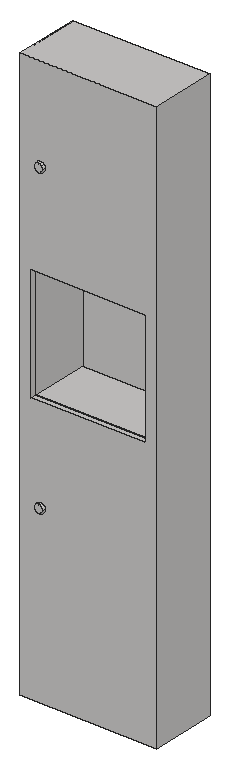
Revit family "Paper Dispenser and Waste_Metlam_Surface Mounted_22L Waste", category Specialty Equipment, Revit 2016
Family settings
  Part Type = Normal
  Round Connector Dimension = Use Diameter
  OmniClass Number = 23.40.20.21.17
  OmniClass Title = Paper Towel Dispensers, Disposal Units
  Work Plane-Based = No
  Always vertical = Yes
  Cut with Voids When Loaded = No
  Shared = No
  Room Calculation Point = Yes
Parameters (values of type "333w x 160d x 1397h (ML707SM_MK2)")
  URL = "http://www.metlam.com.au/"
  Type Comments = "2 in 1 Combo Units"  # constant formula
  Model = "ML707SM_MK2"
  Material_ANZRS = z_Metlam_Metal_Stainless Steel_Satin
  Manufacturer_URL__Product Specific = "https://metlam.com.au/product/content/paper-towel-dispenser-comb-units/ML707SM_MK2"
  Manufacturer_Spec Code = Model  # "ML707SM_MK2"
  Manufacturer_Overall Width = 333 mm  # constant formula
  Manufacturer_Overall Height = 1397 mm  # constant formula
  Manufacturer_Overall Depth = 160 mm  # constant formula
  Manufacturer_Height From FFL [instance] = 400 mm
  Manufacturer = "Metlam"  # constant formula
  Description = "Paper Towel Dispenser & Waste Receptacle - Surface Mounted"
  CreatedBy_ANZRS = "IGS BIM Solutions"  # constant formula
  CreatedByURL_ANZRS = "http://www.igsgroup.com.au/"
  Assembly Code = ""
Reference planes
  plane 1 "Back": y = 0
  plane 2 "Ref. Level": z = 0
  plane 3 "Center (Left/Right)": x = 0
  plane 4 "Left": x = -166.5
  plane 5 "Right": x = 166.5
  plane 6 "Front Panel_Back": y = -145
  plane 7 "Front": y = -160
  plane 8 "Top": z = 1797
  plane 9 "Mounting Height": z = 1315
  plane 10 "Bottom": z = 400
Forms (mm)
  Extrusion 1, solid, material "z_Metlam_Metal_Stainless Steel_Satin" <- "Material_ANZRS"
    sketch origin (0, 0, 1265) x (1, 0, 0) y (0, 0, 1)
      loop
        line (-146, -842.5) -> (146, -842.5) -> (146, 509.5) -> (-146, 509.5) -> (-146, -842.5)
      loop
        line (-144, -840.5) -> (144, -840.5) -> (144, 507.5) -> (-144, 507.5) -> (-144, -840.5)
    from 0 to 145
  Extrusion 2, solid, material "z_Metlam_Metal_Stainless Steel_Satin" <- "Material_ANZRS"
    sketch origin (0, 0, 1265) x (1, 0, 0) y (0, 0, 1)
      loop
        line (-146, -842.5) -> (146, -842.5) -> (146, 509.5) -> (-146, 509.5) -> (-146, -842.5)
    from 0 to 2
  Extrusion 3, solid, material "z_Metlam_Metal_Stainless Steel_Satin" <- "Material_ANZRS"
    sketch origin (0, 0, 1265) x (1, 0, 0) y (0, 0, 1)
      loop
        line (166.5, 532) -> (-166.5, 532) -> (-166.5, -865) -> (166.5, -865) -> (166.5, 532)
      loop
        line (-140, 70) -> (-140, -210) -> (140, -210) -> (140, 70) -> (-140, 70)
    from 145 to 160
  Extrusion 4, solid, material "z_Metlam_Metal_Stainless Steel_Satin" <- "Material_ANZRS"
    sketch origin (0, 70, 2055) x (1, 0, 0) y (0, 0, 1)
      loop
        line (-120, -720) -> (-120, -740) -> (-10, -740) -> (-10, -730) -> (10, -730) -> (10, -740) -> (120, -740) -> (120, -720) -> (-120, -720)
    from 190 to 200
  Extrusion 5, solid, material "z_Metlam_Metal_Stainless Steel_Satin" <- "Material_ANZRS"
    sketch origin (0, 0, 1265) x (1, 0, 0) y (0, 0, 1)
      loop
        line (-140, 70) -> (-140, -210) -> (140, -210) -> (140, 70) -> (-140, 70)
      loop
        line (-141.6, 71.6) -> (-141.6, -211.6) -> (141.6, -211.6) -> (141.6, 71.6) -> (-141.6, 71.6)
    from 2 to 145
  Blend 6, solid, material "z_Metlam_Metal_Stainless Steel_Satin" <- "Material_ANZRS", detail levels medium+fine
    base sketch origin (0, -160, 435) x (1, 0, 0) y (0, 0, 1)
      loop
        circle (-116.5, 1131) r 11.5
    top sketch origin (0, -160, 435) x (1, 0, 0) y (0, 0, 1)
      loop
        circle (-116.5, 1131) r 9.5
    from 0 to 5
  Blend 7, solid, material "z_Metlam_Metal_Stainless Steel_Satin" <- "Material_ANZRS", detail levels medium+fine
    base sketch origin (0, -160, 435) x (1, 0, 0) y (0, 0, 1)
      loop
        circle (-116.5, 389) r 11.5
    top sketch origin (0, -160, 435) x (1, 0, 0) y (0, 0, 1)
      loop
        circle (-116.5, 389) r 9.5
    from 0 to 5
  Extrusion 8, solid, material "z_Metlam_Metal_Stainless Steel_Satin" <- "Material_ANZRS"
    sketch origin (0, -160, 435) x (1, 0, 0) y (0, 0, 1)
      loop
        line (166.5, 1362) -> (-166.5, 1362) -> (-166.5, -35) -> (166.5, -35) -> (166.5, 1362)
      loop
        line (164.9, 1360.4) -> (-164.9, 1360.4) -> (-164.9, -33.4) -> (164.9, -33.4) -> (164.9, 1360.4)
    from -15 to -160
Cuts and joins
  joined: Extrusion 1, Extrusion 2
  joined: Extrusion 3, Extrusion 8
Lines and regions (mm)
  Masking region 1
    outline origin (0, 0, 0) x (1, 0, 0) y (0, 1, 0)
      loop
        line (166.5, 0) -> (-166.5, 0) -> (-166.5, -160) -> (166.5, -160) -> (166.5, 0)
  symbolic lines, style "Bathroom Fixtures", detail levels medium+fine
    curve 1: line (-166.5, -145, 0) -> (166.5, -145, 0)
Text (mm)
  text "> Contact Manufacturer to confirm feasibility of design variations outside the scope of this Revit Family\n\n\n\nDisclaimer:\n\nDue to ongoing product development and manufacturing evolution, product details are subject to change without notice. Please refer to product technical data sheets on the manufacturer’s website for the most current product information. Please allow a +/- 5mm manufacturing tolerance for dimensions and set-outs shown in product literature." at (321.985, 63.237, 0), in view "Ref. Level_Instruction"
Dimensions and locks
  equal spacing: plane 4 "Left", plane 3 "Center (Left/Right)", plane 5 "Right"
  "Manufacturer_Overall Width": plane 4 "Left" to plane 5 "Right"
  "Manufacturer_Overall Depth": plane 7 "Front" to plane 1 "Back"
  plane 8 "Top" to Extrusion 1 sketch curve to Extrusion 1 sketch curve = 22.5 mm locked, 2 mm locked
  Extrusion 1 sketch curve to Extrusion 1 sketch curve to plane 4 "Left" = 2 mm locked, 20.5 mm locked
  Extrusion 1 sketch curve to Extrusion 1 sketch curve to plane 5 "Right" = 2 mm locked, 20.5 mm locked
  "Manufacturer_Height From FFL": plane 10 "Bottom" to level
  "Manufacturer_Overall Height": plane 8 "Top" to plane 10 "Bottom"
  locked: Extrusion 3 sketch curve to plane 10 "Bottom" at 655
  locked: Extrusion 2 sketch curve to plane 8 "Top" at 22.5
  locked: plane 10 "Bottom" to Extrusion 2 sketch curve at 22.5
  locked: Extrusion 2 sketch curve to plane 5 "Right" at 20.5
  locked: Extrusion 2 sketch curve to plane 4 "Left" at 20.5
  plane 10 "Bottom" to Extrusion 1 sketch curve to Extrusion 1 sketch curve = 22.5 mm locked, 2 mm locked
  locked: Extrusion 5 sketch curve to Extrusion 5 sketch curve at 1.6
  locked: Extrusion 5 sketch curve to Extrusion 5 sketch curve at 280
  locked: plane 9 "Mounting Height" to Extrusion 4 sketch curve at 20
  plane 9 "Mounting Height" to Extrusion 4 sketch curve = 10 mm
  plane 9 "Mounting Height" to plane 10 "Bottom" = 915 mm
  aligned and locked: level to plane 2 "Ref. Level"
  aligned and locked: Extrusion 3 sketch curve to plane 8 "Top"
  aligned and locked: plane 7 "Front" to Extrusion 3
  aligned and locked: Extrusion 3 to plane 6 "Front Panel_Back"
  aligned and locked: Masking region 1 sketch curve to Extrusion 3
  aligned and locked: Masking region 1 sketch curve to plane 1 "Back"
  aligned and locked: plane 6 "Front Panel_Back" to Extrusion 5
  aligned and locked: Extrusion 5 to cut or joined group of Extrusion 1, Extrusion 2
  aligned and locked: plane 9 "Mounting Height" to Extrusion 4 sketch curve  (x2)
  aligned and locked: plane 4 "Left" to Extrusion 3 sketch curve
  aligned and locked: plane 5 "Right" to Extrusion 3 sketch curve
  aligned and locked: Extrusion 3 sketch curve to plane 10 "Bottom"
  aligned and locked: Blend 7 to Extrusion 3
  aligned and locked: Blend 7 to Blend 6
  aligned and locked: cut or joined group of Extrusion 3, Extrusion 8 to Extrusion 5  (x4)
  aligned and locked: plane 10 "Bottom" to Extrusion 8 sketch curve
  aligned and locked: Extrusion 8 sketch curve to plane 4 "Left"
  aligned and locked: plane 5 "Right" to Extrusion 8 sketch curve
  aligned and locked: plane 8 "Top" to Extrusion 8 sketch curve
  aligned and locked: cut or joined group of Extrusion 1, Extrusion 2 to Extrusion 8
  aligned and locked: Extrusion 8 to plane 1 "Back"
Automatic sketch dimensions
  plane 4 "Left" to Extrusion 3 sketch curve = 26.5 mm
  plane 5 "Right" to Extrusion 3 sketch curve = 26.5 mm
  plane 4 "Left" to Extrusion 4 sketch curve = 46.5 mm
  Extrusion 4 sketch curve to plane 3 "Center (Left/Right)" = 10 mm
  plane 3 "Center (Left/Right)" to Extrusion 4 sketch curve = 10 mm
  plane 5 "Right" to Extrusion 4 sketch curve = 46.5 mm
  plane 4 "Left" to Extrusion 5 sketch curve = 24.9 mm
  Extrusion 5 sketch curve to Extrusion 5 sketch curve = 1.6 mm  (x3)
  plane 5 "Right" to Extrusion 5 sketch curve = 26.5 mm
  Extrusion 3 sketch curve to plane 9 "Mounting Height" = 20 mm
  plane 9 "Mounting Height" to Extrusion 5 sketch curve = 261.6 mm
  plane 4 "Left" to Blend 6 sketch curve = 50 mm  (x2)
  Blend 6 sketch curve to plane 8 "Top" = 231 mm  (x2)
  plane 4 "Left" to Blend 7 sketch curve = 50 mm  (x2)
  plane 10 "Bottom" to Blend 7 sketch curve = 424 mm  (x2)
  curve 1 to plane 4 "Left" = 0 mm
  curve 1 to plane 5 "Right" = 0 mm
  plane 6 "Front Panel_Back" to curve 1 = 0 mm
  plane 4 "Left" to Extrusion 8 sketch curve = 1.6 mm
  plane 5 "Right" to Extrusion 8 sketch curve = 1.6 mm
  plane 10 "Bottom" to Extrusion 8 sketch curve = 1.6 mm
  Extrusion 8 sketch curve to plane 8 "Top" = 1.6 mm
  Masking region 1 sketch curve to plane 5 "Right" = 0 mm
  plane 7 "Front" to Masking region 1 sketch curve = 0 mm
  radius of Blend 6 sketch curve = 11.5 mm
  radius of Blend 6 sketch curve = 9.5 mm
  radius of Blend 7 sketch curve = 11.5 mm
  radius of Blend 7 sketch curve = 9.5 mm
